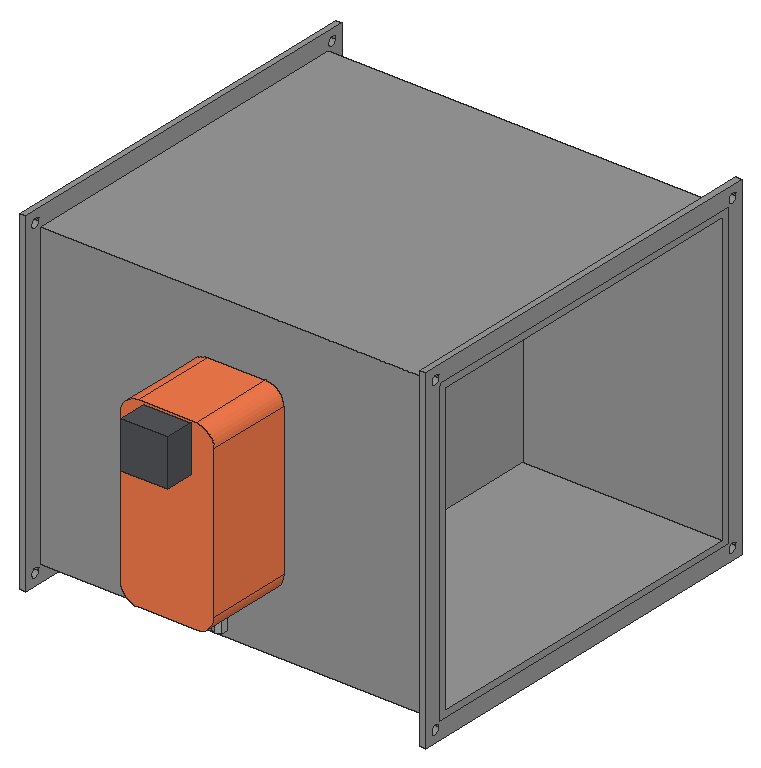
Revit family "КП-1_Eng", category Duct Accessories, Revit 2021
Family settings
  Round Connector Dimension = Use Diameter
  Part Type = Attaches To
  Work Plane-Based = No
  Always vertical = Yes
  Cut with Voids When Loaded = No
  Shared = No
Parameters (values of type "KP-1-300х250-2-PVP230Т-SN")
  Width = B2  # 290 mm
  Weight = 7.90 kg
  Voltage = 230 V
  Pressure_Static_Air [instance] = 0.0 Pa
  Maximum Air Flow [instance] = 0.0 L/s
  Load Classification = "HVAC"
  Length = 350 mm  # constant formula
  Height = A2  # 340 mm
  Frequency = 50 Hz  # constant formula
  Apparent Load = 10 VA
  Air Flow [instance] = 0.0 L/s
  Actuator location (outside) = yes
  Actuator location (inside) = no
  Default Elevation = 0 mm
  Manufacturer = "Vents"  # constant formula
  Two flanges [instance] = yes
  URL = "https://ventilation-system.com/series/kp-1-pkp-kp-1-pvp-kp-1-psp#description#downloads"
  B = 250 mm
  An = A + 10 mm  # 310 mm
  A3 = A / 2  # 150 mm
  A2 = 340 mm
  A1 = 320 mm
  Bn = B + 10 mm  # 260 mm
  B3 = B1 / 2  # 135 mm
  B2 = 290 mm
  Maintenance zone material = none
  Casing Material = Steel, galvanized
  B1 = 270 mm
  A = 300 mm
  09_System_Name [instance] = ""
  00_20_Type = "KP-1-300х250-2-PVP230Т-SN"
  00_20_Name = "Fire-resisting damper"  # constant formula
  00_20_Manufacturer = "Vents"  # constant formula
Types (22, lengths in mm): name | Width | Weight | Height | Apparent Load | URL | B | An | A3 | A2 | A1 | Bn | B3 | B2 | B1 | A | 00_20_Type
  (no name) | 290 | 7.90 kg | 340 | 10 VA | "https://ventilation-system.com/series/kp-1-pkp-kp-1-pvp-kp-1-psp#description#downloads" | 250 | 310 | 150 | 340 | 320 | 260 | 135 | 290 | 270 | 300 | "KP-1-300х250-2-PVP230Т-SN"
  KP-1-200х200-2-PVP230Т-SN | 240 | 6.20 kg | 240 | 6.5 VA | "https://ventilation-system.com/series/kp-1-pkp-kp-1-pvp-kp-1-psp#description#downloads" | 200 | 210 | 100 | 240 | 220 | 210 | 110 | 240 | 220 | 200 | "KP-1-200х200-2-PVP230Т-SN"
  KP-1-1000х1000-2-PVP230Т-SN | 1060 | 41.70 kg | 1060 | 11 VA | "https://ventilation-system.com/series/kp-1-pkp-kp-1-pvp-kp-1-psp#description" | 1000 | 1010 | 500 | 1060 | 1030 | 1010 | 515 | 1060 | 1030 | 1000 | "KP-1-1000х1000-2-PVP230Т-SN"
  KP-1-250х200-2-PVP230Т-SN | 240 | 6.80 kg | 290 | 10 VA | "https://ventilation-system.com/series/kp-1-pkp-kp-1-pvp-kp-1-psp#description#downloads" | 200 | 260 | 125 | 290 | 270 | 210 | 110 | 240 | 220 | 250 | "KP-1-250х200-2-PVP230Т-SN"
  KP-1-250х250-2-PVP230Т-SN | 290 | 7.30 kg | 290 | 10 VA | "https://ventilation-system.com/series/kp-1-pkp-kp-1-pvp-kp-1-psp#description#downloads" | 250 | 260 | 125 | 290 | 270 | 260 | 135 | 290 | 270 | 250 | "KP-1-250х250-2-PVP230Т-SN"
  KP-1-300х200-2-PVP230Т-SN | 240 | 7.30 kg | 340 | 10 VA | "https://ventilation-system.com/series/kp-1-pkp-kp-1-pvp-kp-1-psp#description#downloads" | 200 | 310 | 150 | 340 | 320 | 210 | 110 | 240 | 220 | 300 | "KP-1-300х200-2-PVP230Т-SN"
  KP-1-300х250-2-PVP230Т-SN | 290 | 7.90 kg | 340 | 10 VA | "https://ventilation-system.com/series/kp-1-pkp-kp-1-pvp-kp-1-psp#description#downloads" | 250 | 310 | 150 | 340 | 320 | 260 | 135 | 290 | 270 | 300 | "KP-1-300х250-2-PVP230Т-SN"
  KP-1-300х300-2-PVP230Т-SN | 340 | 8.50 kg | 340 | 10 VA | "https://ventilation-system.com/series/kp-1-pkp-kp-1-pvp-kp-1-psp#description#downloads" | 300 | 310 | 150 | 340 | 320 | 310 | 160 | 340 | 320 | 300 | "KP-1-300х300-2-PVP230Т-SN"
  KP-1-400х250-2-PVP230Т-SN | 290 | 9.10 kg | 440 | 10 VA | "https://ventilation-system.com/series/kp-1-pkp-kp-1-pvp-kp-1-psp#description#downloads" | 250 | 410 | 200 | 440 | 420 | 260 | 135 | 290 | 270 | 400 | "KP-1-400х250-2-PVP230Т-SN"
  KP-1-400х300-2-PVP230Т-SN | 340 | 9.80 kg | 440 | 10 VA | "https://ventilation-system.com/series/kp-1-pkp-kp-1-pvp-kp-1-psp#description#downloads" | 300 | 410 | 200 | 440 | 420 | 310 | 160 | 340 | 320 | 400 | "KP-1-400х300-2-PVP230Т-SN"
  KP-1-400х400-2-PVP230Т-SN | 440 | 11.30 kg | 440 | 10 VA | "https://ventilation-system.com/series/kp-1-pkp-kp-1-pvp-kp-1-psp#description#downloads" | 400 | 410 | 200 | 440 | 420 | 410 | 210 | 440 | 420 | 400 | "KP-1-400х400-2-PVP230Т-SN"
  KP-1-500х300-2-PVP230Т-SN | 340 | 10.70 kg | 540 | 10 VA | "https://ventilation-system.com/series/kp-1-pkp-kp-1-pvp-kp-1-psp#description#downloads" | 300 | 510 | 250 | 540 | 520 | 310 | 160 | 340 | 320 | 500 | "KP-1-500х300-2-PVP230Т-SN"
  KP-1-500х400-2-PVP230Т-SN | 440 | 12.90 kg | 540 | 10 VA | "https://ventilation-system.com/series/kp-1-pkp-kp-1-pvp-kp-1-psp#description#downloads" | 400 | 510 | 250 | 540 | 520 | 410 | 210 | 440 | 420 | 500 | "KP-1-500х400-2-PVP230Т-SN"
  KP-1-500х500-2-PVP230Т-SN | 560 | 16.60 kg | 560 | 10 VA | "https://ventilation-system.com/series/kp-1-pkp-kp-1-pvp-kp-1-psp#description#downloads" | 500 | 510 | 250 | 560 | 530 | 510 | 265 | 560 | 530 | 500 | "KP-1-500х500-2-PVP230Т-SN"
  KP-1-600х400-2-PVP230Т-SN | 440 | 14.50 kg | 640 | 10 VA | "https://ventilation-system.com/series/kp-1-pkp-kp-1-pvp-kp-1-psp#description#downloads" | 400 | 610 | 300 | 640 | 620 | 410 | 210 | 440 | 420 | 600 | "KP-1-600х400-2-PVP230Т-SN"
  KP-1-600х500-2-PVP230Т-SN | 560 | 18.40 kg | 660 | 11 VA | "https://ventilation-system.com/series/kp-1-pkp-kp-1-pvp-kp-1-psp#description" | 500 | 610 | 300 | 660 | 630 | 510 | 265 | 560 | 530 | 600 | "KP-1-600х500-2-PVP230Т-SN"
  KP-1-600х600-2-PVP230Т-SN | 660 | 20.60 kg | 660 | 11 VA | "https://ventilation-system.com/series/kp-1-pkp-kp-1-pvp-kp-1-psp#description#downloads" | 600 | 610 | 300 | 660 | 630 | 610 | 315 | 660 | 630 | 600 | "KP-1-600х600-2-PVP230Т-SN"
  KP-1-800х500-2-PVP230Т-SN | 560 | 22.30 kg | 860 | 11 VA | "https://ventilation-system.com/series/kp-1-pkp-kp-1-pvp-kp-1-psp#description#downloads" | 500 | 810 | 400 | 860 | 830 | 510 | 265 | 560 | 530 | 800 | "KP-1-800х500-2-PVP230Т-SN"
  KP-1-800х600-2-PVP230Т-SN | 660 | 24.80 kg | 860 | 11 VA | "https://ventilation-system.com/series/kp-1-pkp-kp-1-pvp-kp-1-psp#description#downloads" | 600 | 810 | 400 | 860 | 830 | 610 | 315 | 660 | 630 | 800 | "KP-1-800х600-2-PVP230Т-SN"
  KP-1-800х800-2-PVP230Т-SN | 860 | 30.10 kg | 860 | 11 VA | "https://ventilation-system.com/series/kp-1-pkp-kp-1-pvp-kp-1-psp#description#downloads" | 800 | 810 | 400 | 860 | 830 | 810 | 415 | 860 | 830 | 800 | "KP-1-800х800-2-PVP230Т-SN"
  KP-1-1000х600-2-PVP230Т-SN | 660 | 29.00 kg | 1060 | 11 VA | "https://ventilation-system.com/series/kp-1-pkp-kp-1-pvp-kp-1-psp#description" | 600 | 1010 | 500 | 1060 | 1030 | 610 | 315 | 660 | 630 | 1000 | "KP-1-1000х600-2-PVP230Т-SN"
  KP-1-1000х800-2-PVP230Т-SN | 860 | 35.40 kg | 1060 | 11 VA | "https://ventilation-system.com/series/kp-1-pkp-kp-1-pvp-kp-1-psp#description#downloads" | 800 | 1010 | 500 | 1060 | 1030 | 810 | 415 | 860 | 830 | 1000 | "KP-1-1000х800-2-PVP230Т-SN"
Reference planes
  plane 1 "По центру (Вперед/Назад)": y = 0
  plane 2: z = 0
  plane 3 "По центру (Влево/Вправо)": x = 0
  plane 4: z = 135
  plane 5: z = -135
  plane 6: y = 160
  plane 7: y = -160
Forms (mm)
  Extrusion 1, solid, material "Steel, galvanized", visible <- "Two flanges"
    sketch origin (0, 0, 0) x (0, 1, 0) y (0, 0, 1)
      loop
        line (155, -130) -> (155, 130) -> (-155, 130) -> (-155, -130) -> (155, -130)
      loop
        line (170, -145) -> (170, 145) -> (-170, 145) -> (-170, -145) -> (170, -145)
      loop
        circle (160, 135) r 4.25
      loop
        circle (-160, 135) r 4.25
      loop
        circle (-160, -135) r 4.25
      loop
        circle (160, -135) r 4.25
    from 170 to 175
  Extrusion 2, solid, material "Steel, galvanized"
    sketch origin (0, 0, 0) x (0, 1, 0) y (0, 0, 1)
      loop
        line (150, -125) -> (150, 125) -> (-150, 125) -> (-150, -125) -> (150, -125)
      loop
        line (170, -145) -> (170, 145) -> (-170, 145) -> (-170, -145) -> (170, -145)
      loop
        circle (160, -135) r 4.25
      loop
        circle (-160, -135) r 4.25
      loop
        circle (-160, 135) r 4.25
      loop
        circle (160, 135) r 4.25
    from -170 to -175
  Extrusion 3, solid, material "Steel, galvanized"
    sketch origin (0, 0, 0) x (0, 1, 0) y (0, 0, 1)
      loop
        line (150, -125) -> (150, 125) -> (-150, 125) -> (-150, -125) -> (150, -125)
      loop
        line (155, -130) -> (155, 130) -> (-155, 130) -> (-155, -130) -> (155, -130)
    from -170 to 175
  Extrusion 4, solid, material "Steel, galvanized"
    sketch origin (0, 0, 0) x (0, 1, 0) y (0, 0, 1)
      loop
        line (150, -125) -> (150, 125) -> (-150, 125) -> (-150, -125) -> (150, -125)
    from 2.5 to -2.5
Dimensions and locks
  equal spacing: Extrusion 1 sketch curve, level, Extrusion 1 sketch curve  (x2)
  equal spacing: Extrusion 1 sketch curve, plane 1 "По центру (Вперед/Назад)", Extrusion 1 sketch curve  (x2)
  "An": Extrusion 1 sketch curve to Extrusion 1 sketch curve
  "Bn": Extrusion 1 sketch curve to Extrusion 1 sketch curve
  "A2": Extrusion 1 sketch curve to Extrusion 1 sketch curve
  "B2": Extrusion 1 sketch curve to Extrusion 1 sketch curve
  equal spacing: plane 4, level, plane 5
  "B1": plane 4 to plane 5
  equal spacing: plane 6, plane 1 "По центру (Вперед/Назад)", plane 7
  "A1": plane 6 to plane 7
  equal spacing: Extrusion 2 sketch curve, plane 1 "По центру (Вперед/Назад)", Extrusion 2 sketch curve  (x2)
  "A": Extrusion 2 sketch curve to Extrusion 2 sketch curve
  "A2": Extrusion 2 sketch curve to Extrusion 2 sketch curve
  equal spacing: Extrusion 2 sketch curve, level, Extrusion 2 sketch curve  (x2)
  "B": Extrusion 2 sketch curve to Extrusion 2 sketch curve
  "B2": Extrusion 2 sketch curve to Extrusion 2 sketch curve
  equal spacing: Extrusion 3 sketch curve, plane 1 "По центру (Вперед/Назад)", Extrusion 3 sketch curve  (x2)
  "A": Extrusion 3 sketch curve to Extrusion 3 sketch curve
  equal spacing: Extrusion 3 sketch curve, level, Extrusion 3 sketch curve  (x2)
  "B": Extrusion 3 sketch curve to Extrusion 3 sketch curve
  "Bn": Extrusion 3 sketch curve to Extrusion 3 sketch curve
  "An": Extrusion 3 sketch curve to Extrusion 3 sketch curve
  equal spacing: Extrusion 4 sketch curve, plane 1 "По центру (Вперед/Назад)", Extrusion 4 sketch curve
  "A": Extrusion 4 sketch curve to Extrusion 4 sketch curve
  equal spacing: Extrusion 4 sketch curve, level, Extrusion 4 sketch curve
  "B": Extrusion 4 sketch curve to Extrusion 4 sketch curve
  "B3": nested 1 to plane 5
  "B3": plane 4 to nested 2
  "A3": nested 2 to plane 1 "По центру (Вперед/Назад)"
  aligned and locked: level to plane 2
  aligned and locked: Extrusion 3 to Extrusion 2
Automatic sketch dimensions
  Extrusion 1 sketch curve to plane 4 = 0 mm
  Extrusion 1 sketch curve to plane 7 = 0 mm  (x2)
  Extrusion 1 sketch curve to plane 5 = 0 mm
  plane 5 to Extrusion 1 sketch curve = 0 mm
  Extrusion 1 sketch curve to plane 6 = 0 mm  (x2)
  plane 4 to Extrusion 1 sketch curve = 0 mm
  Extrusion 2 sketch curve to plane 5 = 0 mm
  Extrusion 2 sketch curve to plane 7 = 0 mm  (x2)
  Extrusion 2 sketch curve to plane 4 = 0 mm
  plane 4 to Extrusion 2 sketch curve = 0 mm
  Extrusion 2 sketch curve to plane 6 = 0 mm  (x2)
  plane 5 to Extrusion 2 sketch curve = 0 mm
  radius of Extrusion 1 sketch curve = 4.25 mm  (x4)
  radius of Extrusion 2 sketch curve = 4.25 mm  (x4)
Nested families
  nested 1: "ADSK_Electric drive" at (0, -155, 0) x (1, 0, 0) z (0, -1, 0), visible <- "Actuator location (outside)", type "BLF"
  nested 2: "ADSK_Electric drive" at (42.5, -50, 0) x (1, 0, 0) z (0, -1, 0), visible <- "Actuator location (inside)", type "BLF"
Connectors
  hvac at (175, 0, 0), driven by "A", driven by "B"
    settings: on Extrusion 3, index 1, duct flow 0.0 L/s, flow factor 0, pres drop 0.0 Pa, loss coef 0, conn angle 0.00°, conn width 250 mm, conn height 300 mm, conn diameter 609.6 mm, duct sys type 3, conn prof type 1, flow config 0, flow direction 2, loss method 0, conn ref index -1, conn util no, is conn primary yes, conn desc ""
  hvac at (-175, 0, 0), driven by "A", driven by "B"
    settings: on Extrusion 2, index 2, duct flow 0.0 L/s, flow factor 0, pres drop 0.0 Pa, loss coef 0, conn angle 0.00°, conn width 250 mm, conn height 300 mm, conn diameter 609.6 mm, duct sys type 3, conn prof type 1, flow config 0, flow direction 1, loss method 0, conn ref index -1, conn util no, is conn primary no, conn desc ""
Definition of nested family "ADSK_Electric drive"
  Parameters (values of type "BLF")
    Default Elevation = 1219.2 mm
    Материал корпуса = none
    Материал коробки = none
  Reference planes
    plane 1 "По центру (Вперед/Назад)": y = 0
    plane 2: z = 0
    plane 3 "По центру (Влево/Вправо)": x = 0
  Forms (mm)
    Extrusion 1, solid, material <- "Материал корпуса"
      sketch origin (0, -1.292, 0) x (1, 0, 0) y (0, 1, 0)
        loop
          arc (-25, 81.292) -> (-35.607, 76.899) -> (-40, 66.292) r 15
          line (-40, 66.292) -> (-40, -63.708)
          arc (-40, -63.708) -> (-35.607, -74.314) -> (-25, -78.708) r 15
          line (-25, -78.708) -> (25, -78.708)
          arc (25, -78.708) -> (35.607, -74.314) -> (40, -63.708) r 15
          line (40, -63.708) -> (40, 66.292)
          arc (40, 66.292) -> (35.607, 76.899) -> (25, 81.292) r 15
          line (25, 81.292) -> (-25, 81.292)
      from 0 to 75
    Extrusion 2, solid, material <- "Материал коробки"
      sketch origin (0, -1.292, 90) x (1, 0, 0) y (0, 1, 0)
        loop
          line (-20, 79.66) -> (-20, 39.66) -> (20, 39.66) -> (20, 79.66) -> (-20, 79.66)
      from -15 to 10
    Extrusion 3, solid
      sketch origin (-5, -80, -46.965) x (1, 0, 0) y (0, 0, -1)
        loop
          line (-10, -80) -> (-14.33, -82.5) -> (-14.33, -87.5) -> (-10, -90) -> (-5.67, -87.5) -> (-5.67, -82.5) -> (-10, -80)
      from 0 to -20
    Extrusion 4, solid
      sketch origin (5, -80, -46.965) x (-1, 0, 0) y (0, 0, 1)
        loop
          line (-10, 80) -> (-5.67, 82.5) -> (-5.67, 87.5) -> (-10, 90) -> (-14.33, 87.5) -> (-14.33, 82.5) -> (-10, 80)
      from 0 to -20
    Extrusion 5, solid
      sketch origin (0, 0, 0) x (1, 0, 0) y (0, 1, 0)
        loop
          circle (0, 58.367) r 6
      from 0 to -100
  Dimensions and locks
    equal spacing: Extrusion 1, plane 1 "По центру (Вперед/Назад)", Extrusion 1
    Extrusion 1 to Extrusion 1 = 160 mm
    level to Extrusion 2 = 100 mm
    aligned and locked: level to plane 2
    aligned and locked: Extrusion 2 to Extrusion 1
  Automatic sketch dimensions
    Extrusion 1 sketch curve to plane 3 "По центру (Влево/Вправо)" = 40 mm
    Extrusion 1 sketch curve to Extrusion 1 sketch curve = 15 mm  (x3)
    plane 3 "По центру (Влево/Вправо)" to Extrusion 1 sketch curve = 25 mm  (x2)
    plane 1 "По центру (Вперед/Назад)" to Extrusion 1 sketch curve = 80 mm
    Extrusion 1 sketch curve to plane 1 "По центру (Вперед/Назад)" = 65 mm
    Extrusion 2 sketch curve to plane 3 "По центру (Влево/Вправо)" = 20 mm
    plane 3 "По центру (Влево/Вправо)" to Extrusion 2 sketch curve = 20 mm
    Extrusion 2 sketch curve to plane 1 "По центру (Вперед/Назад)" = 38.367 mm
    Extrusion 2 sketch curve to Extrusion 2 sketch curve = 40 mm
    Extrusion 3 sketch curve to plane 3 "По центру (Влево/Вправо)" = 19.33 mm
    Extrusion 3 sketch curve to Extrusion 3 sketch curve = 4.33 mm  (x3)
    level to Extrusion 3 sketch curve = 43.035 mm
    Extrusion 3 sketch curve to Extrusion 3 sketch curve = 2.5 mm  (x3)
    Extrusion 3 sketch curve to Extrusion 3 sketch curve = 5 mm  (x2)
    plane 3 "По центру (Влево/Вправо)" to Extrusion 4 sketch curve = 19.33 mm
    Extrusion 4 sketch curve to Extrusion 4 sketch curve = 4.33 mm  (x3)
    level to Extrusion 4 sketch curve = 33.035 mm
    Extrusion 4 sketch curve to Extrusion 4 sketch curve = 2.5 mm  (x3)
    Extrusion 4 sketch curve to Extrusion 4 sketch curve = 5 mm  (x2)
    Extrusion 5 sketch curve to plane 3 "По центру (Влево/Вправо)" = 0 mm
    Extrusion 5 sketch curve to plane 1 "По центру (Вперед/Назад)" = 58.367 mm
    radius of Extrusion 5 sketch curve = 6 mm
